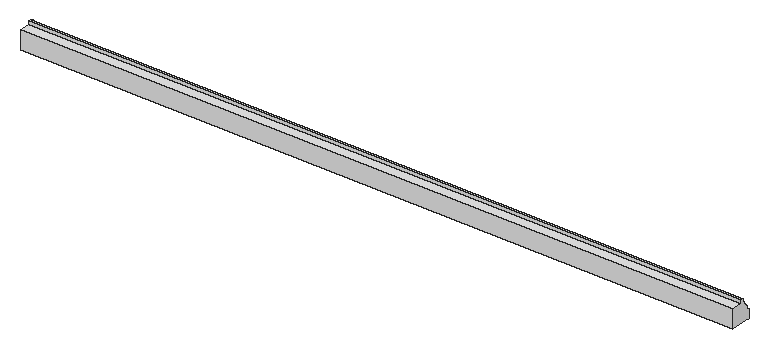
Revit family "13-MOULDING-CADS-141-PCBBACKBAND-4-REVIT_Versatex-Generic-Model-BACK-BAND-CASING", category Generic Models, host Face, Revit 2026
Family settings
  Host = Face
  Can host rebar = No
  Round Connector Dimension = Use Diameter
  Part Type = Normal
  Cut with Voids When Loaded = No
  Maintain Annotation Orientation = No
  Shared = No
  Room Calculation Point = No
Parameters
  Model = "PCBBACKBAND"
  Length = 4' - 0"
  Warranty = "https://versatex.com/warranty/"
  URL = "https://versatex.com/"
  Specification = "https://www.arcat.com/company/versatex-45716/spec?coid=45716"
  Sales Information = "https://versatex.com/dealer-locator/"
  Message Manufacturer = "https://versatex.com/contact/"
  Material = Versatex PVC - Smooth
  Manufacturer Website = "https://versatex.com/"
  Manufacturer Phone = "724-857-1111"
  Manufacturer Fax = "724-857-1171"
  Manufacturer Address = "400 Steel Street, Aliquippa, PA 15001"
  Manufacturer = "Versatex"
  Literature = "https://versatex.com/literature/?_sft_literature_category=cads"
  Description = "BACK BAND CASING"
  Default Elevation = 4' - 0"
  Copyright = "© 2024 VERSATEX Building Products, LLC"
Reference planes (in)
  plane 1 "Center (Front/Back)": y = 0
  plane 2: z = 0
  plane 3 "Center (Left/Right)": x = 0
  plane 4: x = 24
  plane 5: x = -24
Forms (in)
  Sweep 1, solid, material "Versatex PVC - Smooth" <- "Material"
    path origin (0, 0, 0) x (1, 0, 0) y (0, 1, 0)
      loop
        line (-24, 0) -> (24, 0)
    profile "Versatex_Profile_BACK BAND CASING : Versatex_Profile_BACK BAND CASING" origin (0, 0, 0) x (0, 1, 0) y (0, 0, 1)
      loop
        line (0.85332, 1.40833) -> (0.72833, 1.40833) -> (0.72833, 1.19667) -> (0, 1.19667) -> (0, 0) -> (1.3, 0)
        arc (1.3, 0) -> (1.31414, 0.00586) -> (1.32, 0.02) r 0.02
        line (1.32, 0.02) -> (1.32, 0.625)
        arc (1.32, 0.625) -> (1.31414, 0.63914) -> (1.3, 0.645) r 0.02
        line (1.3, 0.645) -> (1.22833, 0.645)
        arc (1.22833, 0.645) -> (1.17718, 0.86512) -> (1.03132, 1.03774) r 0.482
        arc (1.03132, 1.03774) -> (0.91513, 1.19586) -> (0.87333, 1.38757) r 0.4717
        arc (0.87333, 1.38757) -> (0.86773, 1.40221) -> (0.85332, 1.40833) r 0.02003
Dimensions and locks (in)
  "Length": plane 5 to plane 4
  equal spacing: plane 5, plane 3 "Center (Left/Right)", plane 4, locked at 24 each
  aligned and locked: plane 2 to host face
  aligned and locked: level to host face
Automatic sketch dimensions
  host sketch curve to host sketch curve = 8' - 0"  (x2)
  plane 1 "Center (Front/Back)" to Sweep 1 sketch curve = 0' - 0"
  Sweep 1 sketch curve to plane 5 = 0' - 0"
  Sweep 1 sketch curve to plane 4 = 0' - 0"
